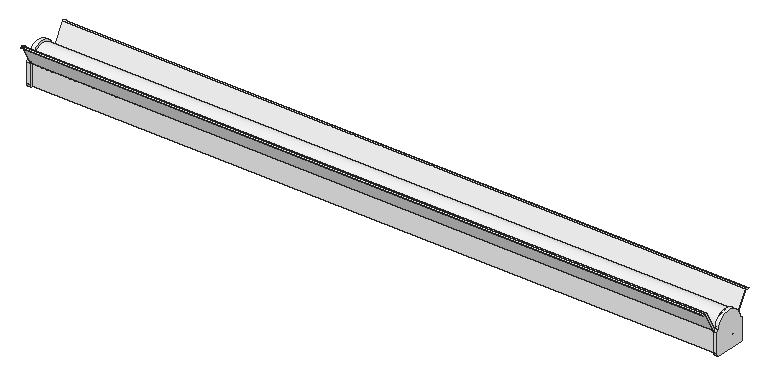
Revit family "0045192+0045235 Feilo Sylvania Lighting Fixture SYLBATTEN LED4 NW DALI TP5 with SYMMETRIC REFLECTOR ACCESSORY 1500MM", category Lighting Fixtures, host Face, Revit 2017
Family settings
  Host = Face
  Round Connector Dimension = Use Diameter
  Part Type = Normal
  OmniClass Number = 23.80.70.00
  OmniClass Title = Lighting
  Cut with Voids When Loaded = No
  Light Source = Yes
  Shared = No
  Room Calculation Point = No
Parameters (values of type "0045192 SYLBATTEN LED4 NW DALI TP5")
  Width_FEILO = 66 mm
  Weight = "3.044 kg"
  Wattage Comments = "n/a"
  Wattage = 39 W
  WarrantyStartDate [instance] = "n/a"
  WarrantyGuarantorParts = "n/a"
  WarrantyDurationUnit = "n/a"
  WarrantyDurationParts = "n/a"
  WarrantyDescription = "n/a"
  built-in parameter 1150110 = 1 (stored number, unit not read)
  Voltage = 230 V
  URL = "http://www.sylvania-lighting.com"
  TypeName = "SYLBATTEN LED4 NW DALI TP5"
  Type Image = <None>
  Type Comments = "n/a"
  built-in parameter 1114217 = 1 (stored number, unit not read)
  Tilt Angle = -90.00°
  built-in parameter 1150109 = 1 (stored number, unit not read)
  built-in parameter 1150134 = 12
  SymReflector_FEILO = yes
  built-in parameter 1150113 = 1 (stored number, unit not read)
  SerialNumber [instance] = "n/a"
  PowerFactor = 0
  PowerConsumption = "39 W"
  Photometric Web File = "0045192+0045235.ies"
  NominalLength = 1505 mm
  NominalHeight = 76 mm
  NominalDepth = 66 mm
  Name = "SYLBATTEN LED4 NW DALI TP5"
  ModelReference = Name  # "SYLBATTEN LED4 NW DALI TP5"
  ModelNumber = "0045192"
  Model = Name  # "SYLBATTEN LED4 NW DALI TP5"
  Material_4_FEILO = Reflector-Sylvania-Sylbatten-White
  Material_3_FEILO = Diffuser-Sylvania-Sylbatten-Glow
  Material_2_FEILO = Body-Sylvania-Sylbatten-White
  Material_1_FEILO = Body-Sylvania-Sylbatten-White
  Material = "sheet steel housing, polycarbonate diffuser"
  ManufacturerName = "Feilo Sylvania"
  Manufacturer = "Feilo Sylvania"
  LuminousEfficacy = "107.4 lm/W"
  built-in parameter 1150105 = 333.35 (stored number, unit not read)
  Lumens = 4188.99 lm
  LuminaireType = ""
  built-in parameter 1150115 = 1 (stored number, unit not read)
  LightOutputRatio = "100"
  built-in parameter 1150137 = (empty or 0)
  built-in parameter 1150139 = (empty or 0)
  Length_FEILO = 1505 mm
  LampsType = Lamp  # "LED"
  LampNominalLuminous = "4189 lm"
  LampMacAdamStep = "n/a"
  LampColourTemperature = "4000 K"
  LampColourRenderingIndex = "80"
  built-in parameter 1150112 = 1 (stored number, unit not read)
  built-in parameter 1150114 = 1 (stored number, unit not read)
  Lamp = "LED"
  Keynote = "16500"
  InstallationDate [instance] = "n/a"
  InputVoltage = "220-240V~"
  InputNominalFrequency = "n/a"
  built-in parameter 1150132 = (empty or 0)
  built-in parameter 1150102 = (empty or 0)
  built-in parameter 1150107 = 4000 (stored number, unit not read)
  built-in parameter 1150138 = (empty or 0)
  IngressProtection = "IP20"
  ImpactProtectionIndex = "IK07"
  built-in parameter 1150106 = 3.3335 (stored number, unit not read)
  IfcExportType = "IfcLightFixtureType"
  IfcExportAs = "IfcLightFixtureType"
  Height_FEILO = 76 mm
  ExpectedLife = 50000
  Emit from Rectangle Width = Length_FEILO - 16 mm  # 1489 mm
  Emit from Rectangle Length = Width_FEILO - 40 mm  # 26 mm
  Emit Shape Visible in Rendering = no
  ElectricShockClassification = "Class I"
  built-in parameter 1150104 = 9.9787 (stored number, unit not read)
  DurationUnit = "hours"
  DocumentationLiterature = "http://www.sylvania-lighting.com/product/en-int/products/0045192"
  DimmingControlOptions = "Dimmable"
  Dimming Lamp Color Temperature Shift = <None>
  Description = "LED batten, T8 replacement, ease of installation through 2 part push-in design of the housing (safety cable included), through wiring capability (TP5 = 5 core), sheet steel, 4189LM, 39W, 107lm/W, 4000K, drive current: 350mA, CRI 80, 138° wide beam angle, DALI dimmable, IP20, IK07, 50,000 hrs (L70), (LxWxH) 1505x66x76mm, 5 step MacAdam ellipse, 3.7kg, white RAL 9016, Class 1, 220-240V, energy class: A++, A+, A."
  Default Elevation = 1219.2 mm
  CreatedOn = "2/22/2018"
  CreatedBy = ""
  Cost = 0
  Color Filter = 16777215
  built-in parameter 1114216 [instance] = (empty or 0)
  ClassificationValue = "EF_70_80"
  ClassificationName = "Uniclass2015"
  CapOffset_FEILO = 2 mm
  BarCode [instance] = "n/a"
  built-in parameter 1114218 = 1 (stored number, unit not read)
  BackReflector_FEILO = and(not(AsymReflector_FEILO), SymReflector_FEILO)  # yes
  built-in parameter 1150133 = 10 (stored number, unit not read)
  FrontReflector_FEILO = or(AsymReflector_FEILO, SymReflector_FEILO)  # yes
  AsymReflector_FEILO = no
  AssetType = "Fixed"
  AssetIdentifier [instance] = "n/a"
  Assembly Code = "D5020200"
  Apparent Load = 39 VA
Reference planes
  plane 1 "Center (Front/Back)": y = 0
  plane 2: z = 0
  plane 3 "Center (Left/Right)": x = 0
  plane 4: x = 752.5
  plane 5: x = -752.5
  plane 6: y = 33
  plane 7: y = -33
  plane 8: z = 76
  plane 9: z = 47
  plane 10: y = -29
  plane 11: y = 29
  plane 12: z = 20
  plane 13: z = 74
  plane 14: y = -31
  plane 15: y = -27
  plane 16: y = 27
  plane 17: y = 31
  plane 18: z = 2
  plane 19: x = -744.5
  plane 20: x = 744.5
  plane 21: z = 49
  plane 22: y = 1
  plane 23: y = -1
  plane 24: z = 21
  plane 25: z = 19
  plane 26: y = -61
  plane 27: y = 61
  plane 28: y = -56
  plane 29: y = 56
  plane 30: z = 91
  plane 31: z = 88
Forms (mm)
  Extrusion 1, solid, material "Body-Sylvania-Sylbatten-White" <- "Material_2_FEILO"
    sketch origin (0, 0, 0) x (0, 1, 0) y (0, 0, 1)
      loop
        line (-31, 2) -> (31, 2) -> (31, 45)
        arc (31, 45) -> (30.414, 46.414) -> (29, 47) r 2
        line (29, 47) -> (27, 47)
        arc (27, 47) -> (0, 74) -> (-27, 47) r 27
        line (-27, 47) -> (-29, 47)
        arc (-29, 47) -> (-30.414, 46.414) -> (-31, 45) r 2
        line (-31, 45) -> (-31, 2)
    from -744.5 to 744.5
  Extrusion 2, solid, material "Body-Sylvania-Sylbatten-White" <- "Material_2_FEILO"
    sketch origin (752.5, 1524, 1219.2) x (0, 1, 0) y (0, 0, 1)
      loop
        arc (-1494, -1219.2) -> (-1491.879, -1218.321) -> (-1491, -1216.2) r 3
        line (-1491, -1216.2) -> (-1491, -1173.2)
        arc (-1491, -1173.2) -> (-1491.879, -1171.079) -> (-1494, -1170.2) r 3
        line (-1494, -1170.2) -> (-1495.069, -1170.2)
        arc (-1495.069, -1170.2) -> (-1524, -1143.2) -> (-1552.931, -1170.2) r 29
        line (-1552.931, -1170.2) -> (-1554, -1170.2)
        arc (-1554, -1170.2) -> (-1556.121, -1171.079) -> (-1557, -1173.2) r 3
        line (-1557, -1173.2) -> (-1557, -1216.2)
        arc (-1557, -1216.2) -> (-1556.121, -1218.321) -> (-1554, -1219.2) r 3
        line (-1554, -1219.2) -> (-1494, -1219.2)
      loop
        arc (-1525, -1189.25) -> (-1531.071, -1192.129) -> (-1533.95, -1198.2) r 10
        line (-1533.95, -1198.2) -> (-1532.944, -1198.2)
        arc (-1532.944, -1198.2) -> (-1530.364, -1192.836) -> (-1525, -1190.256) r 9
        line (-1525, -1190.256) -> (-1525, -1189.25)
      loop
        arc (-1523, -1190.256) -> (-1517.636, -1192.836) -> (-1515.056, -1198.2) r 9
        line (-1515.056, -1198.2) -> (-1514.05, -1198.2)
        arc (-1514.05, -1198.2) -> (-1516.929, -1192.129) -> (-1523, -1189.25) r 10
        line (-1523, -1189.25) -> (-1523, -1190.256)
      loop
        line (-1532.944, -1200.2) -> (-1533.95, -1200.2)
        arc (-1533.95, -1200.2) -> (-1531.071, -1206.271) -> (-1525, -1209.15) r 10
        line (-1525, -1209.15) -> (-1525, -1208.144)
        arc (-1525, -1208.144) -> (-1530.364, -1205.564) -> (-1532.944, -1200.2) r 9
      loop
        arc (-1515.056, -1200.2) -> (-1517.636, -1205.564) -> (-1523, -1208.144) r 9
        line (-1523, -1208.144) -> (-1523, -1209.15)
        arc (-1523, -1209.15) -> (-1516.929, -1206.271) -> (-1514.05, -1200.2) r 10
        line (-1514.05, -1200.2) -> (-1515.056, -1200.2)
    from 0 to -8
  Extrusion 3, solid, material "Body-Sylvania-Sylbatten-White" <- "Material_2_FEILO"
    sketch origin (-752.5, 1524, 1219.2) x (0, 1, 0) y (0, 0, 1)
      loop
        arc (-1495.069, -1170.2) -> (-1524, -1143.2) -> (-1552.931, -1170.2) r 29
        line (-1552.931, -1170.2) -> (-1554, -1170.2)
        arc (-1554, -1170.2) -> (-1556.121, -1171.079) -> (-1557, -1173.2) r 3
        line (-1557, -1173.2) -> (-1557, -1216.2)
        arc (-1557, -1216.2) -> (-1556.121, -1218.321) -> (-1554, -1219.2) r 3
        line (-1554, -1219.2) -> (-1494, -1219.2)
        arc (-1494, -1219.2) -> (-1491.879, -1218.321) -> (-1491, -1216.2) r 3
        line (-1491, -1216.2) -> (-1491, -1173.2)
        arc (-1491, -1173.2) -> (-1491.879, -1171.079) -> (-1494, -1170.2) r 3
        line (-1494, -1170.2) -> (-1495.069, -1170.2)
      loop
        line (-1533.95, -1198.2) -> (-1532.944, -1198.2)
        arc (-1532.944, -1198.2) -> (-1530.364, -1192.836) -> (-1525, -1190.256) r 9
        line (-1525, -1190.256) -> (-1525, -1189.25)
        arc (-1525, -1189.25) -> (-1531.071, -1192.129) -> (-1533.95, -1198.2) r 10
      loop
        line (-1523, -1189.25) -> (-1523, -1190.256)
        arc (-1523, -1190.256) -> (-1517.636, -1192.836) -> (-1515.056, -1198.2) r 9
        line (-1515.056, -1198.2) -> (-1514.05, -1198.2)
        arc (-1514.05, -1198.2) -> (-1516.929, -1192.129) -> (-1523, -1189.25) r 10
      loop
        line (-1514.05, -1200.2) -> (-1515.056, -1200.2)
        arc (-1515.056, -1200.2) -> (-1517.636, -1205.564) -> (-1523, -1208.144) r 9
        line (-1523, -1208.144) -> (-1523, -1209.15)
        arc (-1523, -1209.15) -> (-1516.929, -1206.271) -> (-1514.05, -1200.2) r 10
      loop
        line (-1525, -1209.15) -> (-1525, -1208.144)
        arc (-1525, -1208.144) -> (-1530.364, -1205.564) -> (-1532.944, -1200.2) r 9
        line (-1532.944, -1200.2) -> (-1533.95, -1200.2)
        arc (-1533.95, -1200.2) -> (-1531.071, -1206.271) -> (-1525, -1209.15) r 10
    from 0 to 8
  Extrusion 4, solid, material "Reflector-Sylvania-Sylbatten-White" <- "Material_4_FEILO", visible <- "FrontReflector_FEILO"
    sketch origin (0, 0, 0) x (0, 1, 0) y (0, 0, 1)
      loop
        line (-61.257, 88.429) -> (-60.743, 87.571) -> (-56.621, 90.044)
        arc (-56.621, 90.044) -> (-56.237, 90.099) -> (-55.929, 89.863) r 0.5
        line (-55.929, 89.863) -> (-31.435, 46.753) -> (-30.565, 47.247) -> (-55.312, 90.802)
        arc (-55.312, 90.802) -> (-55.928, 91.275) -> (-56.696, 91.165) r 1
        line (-56.696, 91.165) -> (-61.257, 88.429)
    from -744.5 to 744.5
  Extrusion 5, solid, material "Reflector-Sylvania-Sylbatten-White" <- "Material_4_FEILO", visible <- "BackReflector_FEILO"
    sketch origin (0, 0, 0) x (0, 1, 0) y (0, 0, 1)
      loop
        line (30.565, 47.247) -> (31.435, 46.753) -> (55.932, 89.868)
        arc (55.932, 89.868) -> (56.245, 90.112) -> (56.638, 90.062) r 0.518
        line (56.638, 90.062) -> (61.033, 87.565) -> (61.527, 88.435) -> (56.682, 91.188)
        arc (56.682, 91.188) -> (55.922, 91.282) -> (55.318, 90.812) r 1
        line (55.318, 90.812) -> (30.565, 47.247)
    from -744.5 to 744.5
Lines and regions (mm)
  reference lines
    curve 1: line (0, -61, 88) -> (0, -56, 91)
    curve 2: line (0, -56, 91) -> (0, -31, 47)
    curve 3: line (0, 31, 47) -> (0, 56, 91)
    curve 4: line (0, 56, 91) -> (0, 61.28, 88)
Dimensions and locks
  equal spacing: plane 5, plane 3 "Center (Left/Right)", plane 4
  equal spacing: plane 7, plane 1 "Center (Front/Back)", plane 6
  "Width_FEILO": plane 7 to plane 6
  "Length_FEILO": plane 5 to plane 4
  "Height_FEILO": plane 8 to plane 2
  locked: plane 9 to plane 8 at 29
  equal spacing: plane 10, plane 1 "Center (Front/Back)", plane 11
  locked: plane 7 to plane 10 at 4
  locked: plane 12 to plane 2 at 20
  "CapOffset_FEILO": plane 13 to plane 8
  "CapOffset_FEILO": plane 7 to plane 14
  "CapOffset_FEILO": plane 10 to plane 15
  "CapOffset_FEILO": plane 17 to plane 6
  "CapOffset_FEILO": plane 16 to plane 11
  "CapOffset_FEILO": plane 18 to plane 2
  locked: plane 14 to Extrusion 1 sketch curve at 2
  locked: Extrusion 1 sketch curve to plane 9 at 2  (x2)
  locked: plane 16 to Extrusion 1 sketch curve at 2
  equal spacing: plane 19, plane 3 "Center (Left/Right)", plane 20
  locked: plane 5 to plane 19 at 8
  "CapOffset_FEILO": plane 9 to plane 21
  locked: Extrusion 2 sketch curve to plane 2 at 47
  locked: Extrusion 1 sketch curve to plane 2 at 47
  locked: Extrusion 2 sketch curve to plane 2 at 3  (x2)
  locked: plane 7 to Extrusion 2 sketch curve at 3  (x2)
  locked: Extrusion 2 sketch curve to plane 6 at 3  (x2)
  locked: Extrusion 2 sketch curve to plane 21 at 3  (x2)
  equal spacing: plane 23, plane 1 "Center (Front/Back)", plane 22
  equal spacing: plane 25, plane 12, plane 24
  plane 30 to plane 31 to plane 2 = 3 mm locked, 88 mm locked
  plane 28 to plane 29 = 112 mm
  plane 26 to plane 27 = 122 mm
  aligned and locked: plane 2 to host face
  aligned and locked: level to host face
  aligned and locked: plane 18 to Extrusion 1 sketch curve
  aligned and locked: plane 14 to Extrusion 1 sketch curve
  aligned and locked: Extrusion 1 sketch curve to plane 9  (x2)
  aligned and locked: Extrusion 1 sketch curve to plane 17
  aligned and locked: plane 15 to Extrusion 1 sketch curve
  aligned and locked: plane 16 to Extrusion 1 sketch curve
  aligned and locked: plane 9 to Extrusion 1 sketch curve
  aligned and locked: plane 20 to Extrusion 1
  aligned and locked: level to Extrusion 2 sketch curve
  aligned and locked: Extrusion 2 sketch curve to plane 7
  aligned and locked: plane 21 to Extrusion 2 sketch curve
  aligned and locked: Extrusion 2 sketch curve to plane 21
  aligned and locked: plane 1 "Center (Front/Back)" to Extrusion 2 sketch curve  (x3)
  aligned and locked: Extrusion 2 to Extrusion 1
  aligned and locked: plane 4 to Extrusion 2
  aligned and locked: plane 12 to Extrusion 2 sketch curve  (x2)
  aligned and locked: Extrusion 2 sketch curve to plane 22
  aligned and locked: Extrusion 2 sketch curve to plane 23
  aligned and locked: Extrusion 2 sketch curve to plane 24
  aligned and locked: Extrusion 2 sketch curve to plane 25
  aligned and locked: plane 25 to Extrusion 2 sketch curve
  aligned and locked: plane 22 to Extrusion 2 sketch curve
  aligned and locked: plane 24 to Extrusion 2 sketch curve
  aligned and locked: plane 23 to Extrusion 2 sketch curve  (x2)
  aligned and locked: Extrusion 3 sketch curve to Extrusion 2  (x22)
  aligned and locked: Extrusion 3 to Extrusion 1
  aligned and locked: Extrusion 3 to plane 5
  aligned and locked: plane 19 to Extrusion 3
  aligned and locked: plane 31 to curve 1
  aligned and locked: plane 30 to curve 1
  aligned and locked: plane 14 to curve 2
  aligned and locked: plane 9 to curve 2
  aligned and locked: plane 17 to curve 3
  aligned and locked: plane 30 to curve 3
  aligned and locked: plane 31 to curve 4
  aligned and locked: Extrusion 4 sketch curve to curve 2
  aligned and locked: Extrusion 4 sketch curve to curve 1
  aligned and locked: Extrusion 4 to Extrusion 1
  aligned and locked: Extrusion 1 to Extrusion 4
  aligned and locked: imposter light to plane 1 "Center (Front/Back)"
  aligned and locked: imposter light to plane 3 "Center (Left/Right)"
  aligned and locked: imposter light to plane 13
  aligned and locked: Extrusion 5 sketch curve to curve 4
  aligned and locked: Extrusion 5 sketch curve to curve 3
  aligned and locked: Extrusion 1 to Extrusion 5
  aligned and locked: Extrusion 5 to Extrusion 1
Automatic sketch dimensions
  host sketch curve to host sketch curve = 2438.4 mm  (x2)
  Extrusion 2 sketch curve to Extrusion 2 sketch curve = 0 mm  (x14)
  Extrusion 2 sketch curve to plane 10 = 0.069 mm
  plane 23 to Extrusion 2 sketch curve = 8.95 mm
  Extrusion 2 sketch curve to Extrusion 2 sketch curve = 1.006 mm  (x4)
  Extrusion 2 sketch curve to plane 22 = 7.944 mm
  curve 1 to plane 26 = 0 mm
  curve 2 to plane 28 = 0 mm
  curve 4 to plane 29 = 0 mm
  plane 9 to curve 3 = 0 mm
  plane 26 to Extrusion 4 sketch curve = 0.257 mm
  Extrusion 4 sketch curve to plane 26 = 0.257 mm
  Extrusion 4 sketch curve to plane 30 = 0.165 mm
  plane 28 to Extrusion 4 sketch curve = 0.696 mm
  plane 28 to Extrusion 4 sketch curve = 0.621 mm
  plane 28 to Extrusion 4 sketch curve = 0.364 mm
  plane 28 to Extrusion 4 sketch curve = 0.182 mm
  Extrusion 4 sketch curve to plane 28 = 0.071 mm
  plane 30 to Extrusion 4 sketch curve = 0.198 mm
  Extrusion 4 sketch curve to plane 28 = 0.688 mm
  plane 9 to Extrusion 4 sketch curve = 0.247 mm
  plane 1 "Center (Front/Back)" to Extrusion 4 sketch curve = 31.435 mm
  Extrusion 5 sketch curve to plane 9 = 0.247 mm
  Extrusion 5 sketch curve to plane 1 "Center (Front/Back)" = 30.565 mm
  plane 9 to Extrusion 5 sketch curve = 0.247 mm
  plane 30 to Extrusion 5 sketch curve = 0.188 mm
  plane 29 to Extrusion 5 sketch curve = 0.068 mm
  Extrusion 5 sketch curve to plane 29 = 0.188 mm
  Extrusion 5 sketch curve to plane 29 = 0.382 mm
  Extrusion 5 sketch curve to Extrusion 5 sketch curve = 0.256 mm
  Extrusion 5 sketch curve to plane 30 = 0.188 mm
  Extrusion 5 sketch curve to plane 29 = 0.682 mm
  Extrusion 5 sketch curve to plane 27 = 0.033 mm
  Extrusion 5 sketch curve to plane 27 = 0.527 mm
Connectors
  electrical at (0, 0, 0), driven by "Apparent Load", driven by "PowerFactor", driven by "Voltage"
    settings: index 1, voltage 230 V, apparent load 39 VA, apparent load phase1 0 VA, apparent load phase2 0 VA, apparent load phase3 0 VA, power factor 0, load classification "Lighting", number of poles 1, system type 30, power factor state 1, is connector primary yes, connector utility no, sub classification motor no, connector description ""
